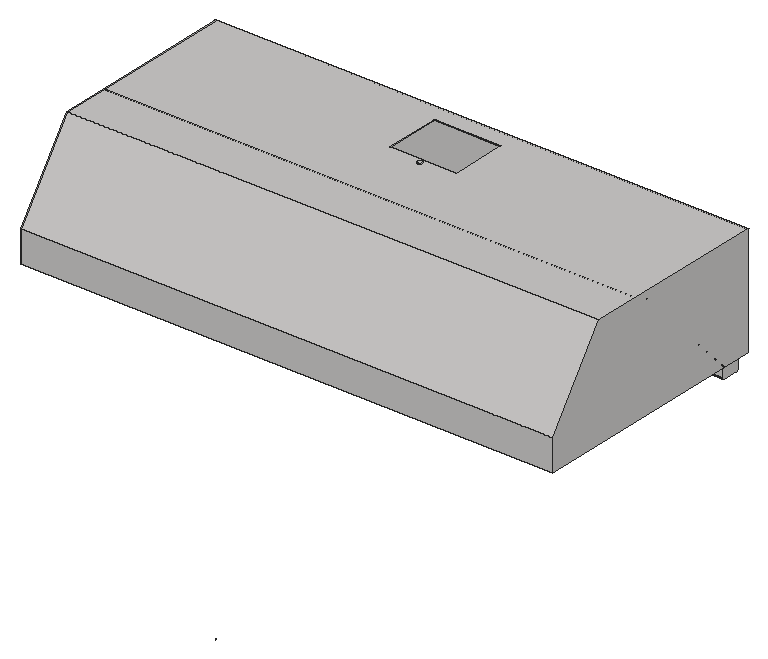
Revit family "QF_ELECTROLUXPROFESSIONAL_644236_ABPV1124DT", category Attrezzature speciali, Revit 2021
Family settings
  Quota connettore circolare = Usa diametro
  Tipo di parte = Normale
  Basato su piano di lavoro = No
  Sempre verticale = Sì
  Taglio con vuoti quando caricato = No
  Condiviso = No
  Punto di calcolo locali = No
Parameters (values of type "Standard")
  Weight = 74.00 kg
  Watts = 420 W
  Volts = 220 V
  URL Manufacturer = "https://www.electroluxprofessional.com/"
  URL = "https://www.electroluxprofessional.com/"
  Steam Supply Size = 0 mm
  Steam Supply Minimum Pressure = 0.0 Pa
  Steam Supply Maximum Pressure = 0.0 Pa
  Steam Consumption per Hour = 0
  Refrigeration Suction Line Size = 0 mm
  Refrigeration Liquid Line Size = 0 mm
  Refrigerant Compressor Remote = yes
  Prospetto di default = 0 mm
  Produttore = "Electrolux Professional"
  Phase = 1
  Modello = "ABPV1124DT"
  Length Actual = 2400 mm  # constant formula
  Item Number = "644236"
  Hot Water Size = 0 mm
  Height Actual = 500 mm  # constant formula
  HP = "0.6 HP"
  Gas Size = 0 mm
  Gas KW = 0
  Gas Input Pressure = 0 W
  Direct Waste Size = 0 mm
  Descrizione = "304 S/S WALL HOOD+FILTER+FAN 2400X1100MM"
  Depth Actual = 1100 mm  # constant formula
  Cycle = 50 Hz
  Condensate Return Size = 0 mm
  Compressed Air Volume = 0.0 L/s
  Compressed Air Size = 0 mm
  Compressed Air Pressure = 0.0 Pa
  Cold Water Size = 0 mm
  Accessory = yes
Reference planes
  plane 1 "Center (Front/Back)": y = 0
  plane 2: z = 0
  plane 3 "Center (Left/Right)": x = 150
  plane 4 "LEFT": x = -1050
  plane 5 "RIGHT": x = 1350
  plane 6 "BACK": y = 550
  plane 7 "FRONT": y = -550
  plane 8 "TOP": z = 2500
  plane 9 "Base": z = 2000
  plane 10: z = 1926
  plane 11 "DrainY": y = 485
  plane 12: x = -1047
  plane 13: through (0, 414.509, 2000.8) normal (0, 0.7314, 0.682)
  plane 14: y = 470
  plane 15: y = 220
  plane 16 "DrainX": x = 1230
  plane 17: x = 300
  plane 18: x = 0
  plane 19: x = 1347
  plane 20: x = 1140
  plane 21: x = 1320
  plane 22: x = -1010
  plane 23: x = -645
  plane 24: x = -450
  plane 25: x = 1310
  plane 26: x = 945
  plane 27: x = 750
  plane 28: x = -47.5
  plane 29: x = 347.5
  plane 30: z = 2140
  plane 31: y = -290
  plane 32: y = 200
Forms (mm)
  Extrusion 1, solid, material "QF_Finishes_Stainless Steel"
    sketch origin (-1050, 0, 360) x (0, 1, 0) y (0, 0, 1)
      loop
        line (550, 1640) -> (550, 2140) -> (-290, 2140) -> (-550, 1780) -> (-550, 1640) -> (550, 1640)
    from 0 to 3
  Extrusion 2, solid, material "QF_Finishes_Stainless Steel"
    sketch origin (150, 0, 360) x (0, 1, 0) y (0, 0, 1)
      loop
        line (415.255, 1640) -> (550, 1640) -> (550, 2139.19) -> (549.2, 2139.19) -> (549.2, 1640.8) -> (415.876, 1640.8) -> (339.347, 1722.867) -> (349.609, 1732.436) -> (348.927, 1733.167) -> (337.934, 1722.917) -> (415.255, 1640)
      loop
        line (-82.203, 2139.19) -> (-82.203, 2118.6) -> (-31.047, 2118.6) -> (34.354, 2048.466) -> (46.028, 2059.352) -> (45.346, 2060.083) -> (34.403, 2049.879) -> (-30.612, 2119.6) -> (-81.203, 2119.6) -> (-81.203, 2139.19) -> (-82.203, 2139.19)
    from -1197 to 1197
  Extrusion 3, solid, material "QF_Finishes_Stainless Steel"
    sketch origin (1350, 0, 360) x (0, 1, 0) y (0, 0, 1)
      loop
        line (550, 1640) -> (550, 2140) -> (-290, 2140) -> (-550, 1780) -> (-550, 1640) -> (550, 1640)
    from 0 to -3
  Extrusion 4, solid, material "QF_Finishes_Stainless Steel"
    sketch origin (150, 0, 360) x (0, 1, 0) y (0, 0, 1)
      loop
        line (-290, 2140) -> (-550, 1780) -> (-550, 1640) -> (-549.2, 1640) -> (-549.2, 1779.741) -> (-289.598, 2139.19) -> (550, 2139.19) -> (550, 2140) -> (-290, 2140)
    from -1200 to 1200
  Extrusion 5, solid, material "QF_Finishes_Stainless Steel"
    sketch origin (150, 0, 360) x (0, 1, 0) y (0, 0, 1)
      loop
        line (534, 1640) -> (436, 1640) -> (436, 1627) -> (443.5, 1627) -> (443.5, 1576)
        arc (443.5, 1576) -> (446.429, 1568.929) -> (453.5, 1566) r 10
        line (453.5, 1566) -> (516.5, 1566)
        arc (516.5, 1566) -> (523.571, 1568.929) -> (526.5, 1576) r 10
        line (526.5, 1576) -> (526.5, 1627) -> (534, 1627) -> (534, 1640)
    from 990 to 1170
  Extrusion 6, solid, material "QF_Finishes_Stainless Steel"
    sketch origin (0, 0, 2000) x (0, 1, 0) y (-1, 0, 0)
      loop
        circle (485, -1230) r 20
    from -76 to -74
  Extrusion 7, solid, material "QF_Finished_Chrome"
    sketch origin (150, 0, 360) x (0, 1, 0) y (0, 0, 1)
      loop
        line (337.934, 1722.917) -> (341.591, 1726.327) -> (38.011, 2051.876) -> (34.354, 2048.466) -> (337.934, 1722.917)
    from -795 to -1160
  Extrusion 8, solid, material "QF_Finished_Chrome"
    sketch origin (150, 0, 360) x (0, 1, 0) y (0, 0, 1)
      loop
        line (337.934, 1722.917) -> (341.591, 1726.327) -> (38.011, 2051.876) -> (34.354, 2048.466) -> (337.934, 1722.917)
    from -197.5 to -600
  Extrusion 9, solid, material "QF_Finishes_Stainless Steel"
    sketch origin (150, 0, 360) x (0, 1, 0) y (0, 0, 1)
      loop
        line (337.934, 1722.917) -> (341.591, 1726.327) -> (38.011, 2051.876) -> (34.354, 2048.466) -> (337.934, 1722.917)
    from 1197 to 1160
  Extrusion 10, solid, material "QF_Finishes_Stainless Steel"
    sketch origin (150, 0, 360) x (0, 1, 0) y (0, 0, 1)
      loop
        line (341.588, 1726.324) -> (38.009, 2051.874) -> (34.354, 2048.466) -> (337.934, 1722.917) -> (341.588, 1726.324)
    from -795 to -600
  Extrusion 11, solid, material "QF_Finished_Chrome"
    sketch origin (150, 0, 360) x (0, 1, 0) y (0, 0, 1)
      loop
        line (341.588, 1726.324) -> (38.009, 2051.874) -> (34.354, 2048.466) -> (337.934, 1722.917) -> (341.588, 1726.324)
    from 795 to 1160
  Extrusion 12, void
    sketch origin (0, 0, 2500) x (0, 1, 0) y (-1, 0, 0)
      loop
        line (470, 0) -> (220, 0) -> (220, -300) -> (470, -300) -> (470, 0)
    from 0 to -10
  Extrusion 13, solid, material "QF_Finishes_Stainless Steel"
    sketch origin (0, 0, 0) x (1, 0, 0) y (0, 1, 0)
      loop
        line (-1050, 550) -> (-1050, 549) -> (-1049, 549) -> (-1049, 550) -> (-1050, 550)
    from 0 to 1
  Extrusion 14, solid, material "QF_Finishes_Stainless Steel"
    sketch origin (150, 0, 360) x (0, 1, 0) y (0, 0, 1)
      loop
        line (337.934, 1722.917) -> (341.591, 1726.327) -> (38.011, 2051.876) -> (34.354, 2048.466) -> (337.934, 1722.917)
    from -1160 to -1197
  Extrusion 15, solid, material "QF_Finishes_Stainless Steel"
    sketch origin (150, 0, 360) x (0, 1, 0) y (0, 0, -1)
      loop
        line (341.588, -1726.324) -> (337.934, -1722.917) -> (34.354, -2048.466) -> (38.009, -2051.874) -> (341.588, -1726.324)
    from -795 to -600
  Extrusion 16, solid, material "QF_Finished_Chrome"
    sketch origin (150, 0, 360) x (0, 1, 0) y (0, 0, 1)
      loop
        line (337.934, 1722.917) -> (341.591, 1726.327) -> (38.011, 2051.876) -> (34.354, 2048.466) -> (337.934, 1722.917)
    from 600 to 197.5
  Extrusion 17, solid, material "QF_Finishes_Stainless Steel"
    sketch origin (150, 0, 360) x (0, 1, 0) y (0, 0, -1)
      loop
        line (341.588, -1726.324) -> (337.934, -1722.917) -> (34.354, -2048.466) -> (38.009, -2051.874) -> (341.588, -1726.324)
    from -197.5 to 197.5
  Extrusion 18, solid, material "QF_Finishes_Stainless Steel"
    sketch origin (0, 0, 2500) x (0, 1, 0) y (-1, 0, 0)
      loop
        circle (200, -150) r 10
    from 0 to 1.6
Cuts and joins
  Extrusion 12 cuts Extrusion 4
  joined: Extrusion 2, Extrusion 4
Lines and regions (mm)
  reference lines
    curve 1: line (150, 34.354, 2408.466) -> (150, 34.354, 2248.466)
  symbolic lines, style "SpecialityEquipment", detail levels coarse
    curve 2: line (1350, 550, 2500) -> (-1050, 550, 2500)
    curve 3: line (-1050, 550, 2500) -> (-1050, -550, 2500)
    curve 4: line (1350, -550, 2500) -> (1350, 550, 2500)
    curve 5: line (-1050, -550, 2500) -> (1350, -550, 2500)
    curve 6: line (0, 220, 2500) -> (300, 220, 2500)
    curve 7: line (0, 470, 2500) -> (0, 220, 2500)
    curve 8: line (300, 470, 2500) -> (0, 470, 2500)
    curve 9: line (300, 220, 2500) -> (300, 470, 2500)
    curve 10: line (1350, -289.598, 0) -> (-1050, -289.598, 0)
    curve 11: line (-1050, -289.598, 0) -> (1350, 550, 0)
    curve 12: line (-1050, 550, 0) -> (1350, -289.598, 0)
Dimensions and locks
  plane 4 "LEFT" to plane 5 "RIGHT" = 2400 mm
  equal spacing: plane 4 "LEFT", plane 3 "Center (Left/Right)", plane 5 "RIGHT"
  locked: plane 8 "TOP" to plane 9 "Base" at 500
  plane 9 "Base" to plane 10 = 74 mm
  plane 6 "BACK" to plane 11 "DrainY" = 65 mm  (x2)
  plane 4 "LEFT" to plane 12 = 3 mm
  plane 6 "BACK" to plane 14 = 80 mm
  plane 14 to plane 15 = 250 mm  (x2)
  plane 16 "DrainX" to plane 5 "RIGHT" = 120 mm
  plane 19 to plane 5 "RIGHT" = 3 mm
  locked: plane 20 to plane 16 "DrainX" at 90
  locked: plane 16 "DrainX" to plane 21 at 90
  plane 6 "BACK" to plane 7 "FRONT" = 1100 mm  (x2)
  equal spacing: plane 6 "BACK", plane 1 "Center (Front/Back)", plane 7 "FRONT"
  plane 15 to plane 7 "FRONT" = 770 mm
  plane 14 to plane 6 "BACK" = 80 mm
  locked: plane 4 "LEFT" to plane 22 at 40
  locked: plane 22 to plane 23 at 365
  locked: plane 23 to plane 24 at 195
  locked: plane 25 to plane 26 at 365
  locked: plane 26 to plane 27 at 195
  locked: plane 25 to plane 5 "RIGHT" at 40
  locked: plane 28 to plane 29 at 395
  equal spacing: plane 28, plane 3 "Center (Left/Right)", plane 29
  locked: plane 18 to plane 17 at 300
  equal spacing: plane 18, plane 3 "Center (Left/Right)", plane 17
  plane 24 to plane 28 = 402.5 mm
  plane 29 to plane 27 = 402.5 mm
  plane 30 to plane 9 "Base" = 140 mm
  plane 31 to plane 7 "FRONT" = 260 mm
  locked: plane 9 "Base" to level at 2000
  plane 15 to plane 32 = 20 mm
  aligned and locked: level to plane 2
  aligned and locked: Extrusion 2 to Extrusion 1
  aligned and locked: Extrusion 2 to Extrusion 3
  aligned and locked: plane 5 "RIGHT" to Extrusion 4
  aligned and locked: Extrusion 4 to plane 4 "LEFT"
  aligned and locked: plane 19 to Extrusion 9
  aligned and locked: plane 18 to Extrusion 12
  aligned and locked: Extrusion 12 to plane 17
  aligned and locked: Extrusion 12 to plane 15
  aligned and locked: Extrusion 12 to plane 14
  aligned and locked: Extrusion 2 to Extrusion 4
  aligned and locked: plane 21 to Extrusion 5
  aligned and locked: Extrusion 5 to plane 20
  aligned and locked: Extrusion 9 to plane 25
  aligned and locked: Extrusion 11 to plane 25
  aligned and locked: Extrusion 11 to plane 26
  aligned and locked: Extrusion 8 to plane 24
  aligned and locked: plane 24 to Extrusion 10
  aligned and locked: Extrusion 10 to plane 23
  aligned and locked: plane 23 to Extrusion 7
  aligned and locked: Extrusion 7 to plane 22
  aligned and locked: Extrusion 14 to plane 12
  aligned and locked: plane 22 to Extrusion 14
  aligned and locked: Extrusion 15 to plane 27
  aligned and locked: Extrusion 15 to plane 26
  aligned and locked: Extrusion 3 to plane 19
  aligned and locked: plane 28 to Extrusion 8
  aligned and locked: Extrusion 16 to plane 27
  aligned and locked: Extrusion 16 to plane 29
  aligned and locked: plane 29 to Extrusion 17
  aligned and locked: Extrusion 17 to plane 28
Automatic sketch dimensions
  curve 5 to plane 4 "LEFT" = 0 mm
  curve 5 to plane 7 "FRONT" = 0 mm
  curve 9 to plane 15 = 0 mm
  plane 14 to curve 8 = 0 mm
  curve 3 to plane 6 "BACK" = 0 mm
  curve 5 to plane 5 "RIGHT" = 0 mm
  curve 6 to plane 17 = 0 mm
  curve 6 to plane 18 = 0 mm
  Extrusion 2 sketch curve to plane 13 = 0 mm  (x3)
  Extrusion 2 sketch curve to plane 9 "Base" = 0 mm
  plane 13 to Extrusion 2 sketch curve = 0 mm
  Extrusion 2 sketch curve to plane 6 "BACK" = 0 mm
  Extrusion 2 sketch curve to Extrusion 2 sketch curve = 65.646 mm
  Extrusion 2 sketch curve to Extrusion 2 sketch curve = 0.682 mm  (x2)
  Extrusion 2 sketch curve to Extrusion 2 sketch curve = 10.261 mm
  plane 9 "Base" to Extrusion 2 sketch curve = 82.917 mm
  Extrusion 2 sketch curve to plane 1 "Center (Front/Back)" = 46.028 mm
  Extrusion 2 sketch curve to Extrusion 2 sketch curve = 10.942 mm
  Extrusion 2 sketch curve to Extrusion 2 sketch curve = 0.049 mm
  Extrusion 2 sketch curve to plane 8 "TOP" = 20.4 mm
  Extrusion 2 sketch curve to plane 8 "TOP" = 21.4 mm
  Extrusion 2 sketch curve to plane 8 "TOP" = 0.81 mm  (x2)
  Extrusion 2 sketch curve to Extrusion 2 sketch curve = 50.156 mm
  Extrusion 2 sketch curve to Extrusion 2 sketch curve = 1 mm
  plane 9 "Base" to Extrusion 2 sketch curve = 0.8 mm
  Extrusion 2 sketch curve to plane 6 "BACK" = 0.8 mm
  curve 1 to plane 13 = 0 mm
  curve 1 to plane 1 "Center (Front/Back)" = 34.354 mm
  Extrusion 5 sketch curve to plane 9 "Base" = 0 mm
  Extrusion 5 sketch curve to plane 10 = 0 mm
  Extrusion 5 sketch curve to plane 9 "Base" = 13 mm  (x2)
  plane 14 to Extrusion 5 sketch curve = 34 mm
  Extrusion 5 sketch curve to Extrusion 5 sketch curve = 7.5 mm  (x2)
  Extrusion 5 sketch curve to Extrusion 5 sketch curve = 10 mm
  plane 11 "DrainY" to Extrusion 5 sketch curve = 31.5 mm
  Extrusion 5 sketch curve to plane 6 "BACK" = 23.5 mm
  Extrusion 6 sketch curve to plane 11 "DrainY" = 0 mm
  Extrusion 6 sketch curve to plane 16 "DrainX" = 0 mm
  Extrusion 7 sketch curve to plane 13 = 0 mm  (x2)
  Extrusion 7 sketch curve to plane 1 "Center (Front/Back)" = 34.354 mm
  Extrusion 7 sketch curve to Extrusion 7 sketch curve = 3.657 mm
  plane 9 "Base" to Extrusion 7 sketch curve = 82.917 mm
  Extrusion 8 sketch curve to plane 13 = 0 mm  (x2)
  Extrusion 8 sketch curve to plane 1 "Center (Front/Back)" = 34.354 mm
  Extrusion 8 sketch curve to Extrusion 8 sketch curve = 3.657 mm
  plane 9 "Base" to Extrusion 8 sketch curve = 82.917 mm
  Extrusion 9 sketch curve to plane 13 = 0 mm  (x2)
  Extrusion 9 sketch curve to plane 1 "Center (Front/Back)" = 34.354 mm
  Extrusion 9 sketch curve to Extrusion 9 sketch curve = 3.657 mm
  plane 9 "Base" to Extrusion 9 sketch curve = 82.917 mm
  Extrusion 10 sketch curve to plane 13 = 0 mm  (x2)
  Extrusion 10 sketch curve to plane 1 "Center (Front/Back)" = 34.354 mm
  Extrusion 10 sketch curve to Extrusion 10 sketch curve = 3.655 mm
  plane 9 "Base" to Extrusion 10 sketch curve = 82.917 mm
  Extrusion 11 sketch curve to plane 13 = 0 mm  (x2)
  Extrusion 11 sketch curve to plane 1 "Center (Front/Back)" = 34.354 mm
  Extrusion 11 sketch curve to Extrusion 11 sketch curve = 3.655 mm
  plane 9 "Base" to Extrusion 11 sketch curve = 82.917 mm
  Extrusion 12 sketch curve to plane 15 = 0 mm
  plane 14 to Extrusion 12 sketch curve = 0 mm
  Extrusion 12 sketch curve to plane 17 = 0 mm
  Extrusion 12 sketch curve to plane 18 = 0 mm
  Extrusion 13 sketch curve to plane 4 "LEFT" = 0 mm
  Extrusion 13 sketch curve to plane 6 "BACK" = 0 mm
  plane 4 "LEFT" to Extrusion 13 sketch curve = 1 mm
  Extrusion 13 sketch curve to Extrusion 13 sketch curve = 1 mm
  Extrusion 14 sketch curve to plane 13 = 0 mm  (x2)
  Extrusion 14 sketch curve to plane 1 "Center (Front/Back)" = 34.354 mm
  Extrusion 14 sketch curve to Extrusion 14 sketch curve = 3.657 mm
  plane 9 "Base" to Extrusion 14 sketch curve = 82.917 mm
  Extrusion 15 sketch curve to plane 13 = 0 mm  (x2)
  Extrusion 15 sketch curve to plane 1 "Center (Front/Back)" = 34.354 mm
  Extrusion 15 sketch curve to Extrusion 15 sketch curve = 3.655 mm
  plane 9 "Base" to Extrusion 15 sketch curve = 82.917 mm
  Extrusion 16 sketch curve to plane 13 = 0 mm  (x2)
  Extrusion 16 sketch curve to plane 1 "Center (Front/Back)" = 34.354 mm
  Extrusion 16 sketch curve to Extrusion 16 sketch curve = 3.657 mm
  plane 9 "Base" to Extrusion 16 sketch curve = 82.917 mm
  Extrusion 17 sketch curve to plane 13 = 0 mm  (x2)
  Extrusion 17 sketch curve to plane 1 "Center (Front/Back)" = 34.354 mm
  Extrusion 17 sketch curve to Extrusion 17 sketch curve = 3.655 mm
  plane 9 "Base" to Extrusion 17 sketch curve = 82.917 mm
  curve 1 to curve 1 = 160 mm
  Extrusion 4 sketch curve to plane 7 "FRONT" = 0 mm
  Extrusion 4 sketch curve to plane 8 "TOP" = 0 mm
  Extrusion 4 sketch curve to plane 31 = 0 mm
  plane 31 to Extrusion 4 sketch curve = 0.402 mm
  Extrusion 4 sketch curve to plane 6 "BACK" = 0 mm
  Extrusion 4 sketch curve to plane 9 "Base" = 0 mm
  Extrusion 4 sketch curve to plane 30 = 0 mm
  Extrusion 4 sketch curve to plane 30 = 0.259 mm
  plane 7 "FRONT" to Extrusion 4 sketch curve = 0.8 mm
  Extrusion 4 sketch curve to Extrusion 4 sketch curve = 0.81 mm
  Extrusion 1 sketch curve to plane 7 "FRONT" = 0 mm
  Extrusion 1 sketch curve to plane 8 "TOP" = 0 mm
  Extrusion 1 sketch curve to plane 31 = 0 mm
  Extrusion 1 sketch curve to plane 6 "BACK" = 0 mm
  Extrusion 1 sketch curve to plane 9 "Base" = 0 mm
  Extrusion 1 sketch curve to plane 30 = 0 mm
  Extrusion 3 sketch curve to plane 7 "FRONT" = 0 mm
  Extrusion 3 sketch curve to plane 8 "TOP" = 0 mm
  Extrusion 3 sketch curve to plane 31 = 0 mm
  Extrusion 3 sketch curve to plane 6 "BACK" = 0 mm
  Extrusion 3 sketch curve to plane 9 "Base" = 0 mm
  Extrusion 3 sketch curve to plane 30 = 0 mm
  curve 10 to plane 4 "LEFT" = 0 mm
  curve 12 to plane 4 "LEFT" = 0 mm
  curve 11 to plane 5 "RIGHT" = 0 mm
  curve 10 to plane 5 "RIGHT" = 0 mm
  curve 12 to plane 6 "BACK" = 0 mm
  curve 11 to plane 6 "BACK" = 0 mm
  plane 31 to curve 11 = 0.402 mm
  Extrusion 18 sketch curve to plane 3 "Center (Left/Right)" = 0 mm
  plane 32 to Extrusion 18 sketch curve = 0 mm
  radius of Extrusion 6 sketch curve = 20 mm
  radius of Extrusion 18 sketch curve = 10 mm
Connectors
  piping at (1230, 485, 1924), diameter 20
    settings: on Extrusion 6, index 1, connector inside diameter 609.6 mm, connector length 0 mm, flow factor 0, pipe flow 0.0 L/s, pressure drop 0.0 Pa, fitting loss kfactor 0, connector angle 0.00°, fixture units 0, engagement length 0 mm, angle of deflection 0.00°, flow configuration 1, flow direction 2, fitting loss method 0, system type 16, joint type 0, gender type 0, connector reference index -1, connector utility 0, adjustable connector no, is connector primary yes, connector description "Drain"
  hvac at (150, 345, 2500)
    settings: on Extrusion 12, index 2, duct flow 0.0 L/s, flow factor 0, pres drop 0.0 Pa, loss coef 0, conn angle 0.00°, conn width 250 mm, conn height 300 mm, conn diameter 609.6 mm, duct sys type 3, conn prof type 1, flow config 1, flow direction 2, loss method 0, conn ref index -1, conn util no, is conn primary yes, conn desc "EXHAUST OUTLET"
  electrical at (150, 200, 2500), driven by "Volts"
    settings: on Extrusion 18, index 3, voltage 220 V, apparent load 0 VA, apparent load phase1 0 VA, apparent load phase2 0 VA, apparent load phase3 0 VA, power factor 1, load classification "Other", number of poles 1, system type 30, power factor state 1, is connector primary yes, connector utility no, sub classification motor no, connector description "Electrical Connection"
